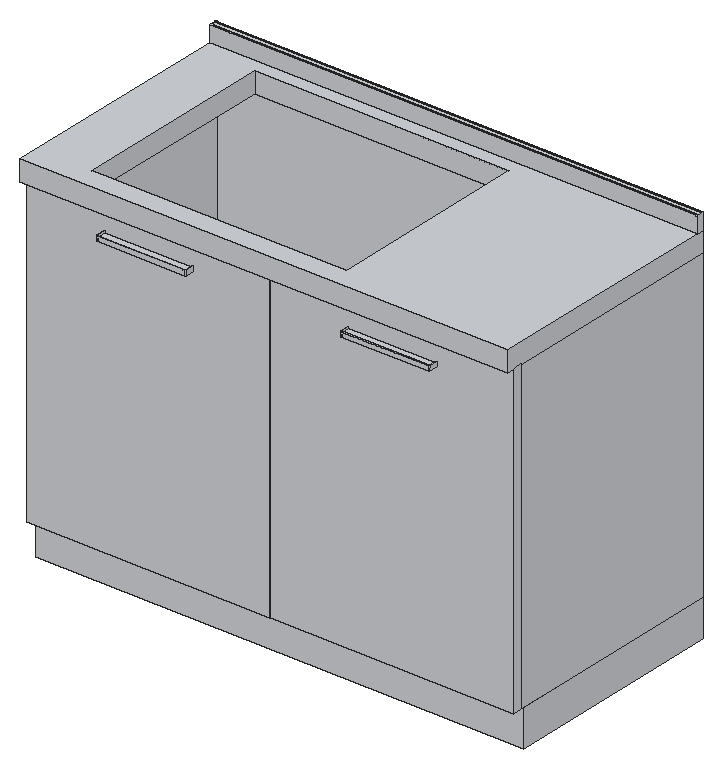
Revit family
Parameters (values of type "600 x 1200 x 900mm")
  Top Material = none
  Material = none
  Hole Y offset = 49.8 mm
  Hole X offset = 136.5 mm
  Hole Width = 627 mm
  Hole Depth = 500 mm
  Handle Material = none
  Depth = 600 mm
  Height = 900 mm
  Width = 1200 mm
  Assembly Code = ""
Types (3, lengths in mm): name | Width | Assembly Code
  (no name) | 1200 | ""
  600 x 900 x 900mm | 900 | "C1030400"
  600 x 1200 x 900mm | 1200 | ""
Reference planes
  plane 1 "Back": y = 0
  plane 2: z = 0
  plane 3 "Center (Left/Right)": x = 44.7
  plane 4 "Front": y = -600
  plane 5 "Left": x = -555.3
  plane 6 "Right": x = 644.7
  plane 7 "Top": z = 900
  plane 8: z = 90
  plane 9: z = 850
Forms (mm)
  Extrusion 1, solid
    sketch origin (0, 0, 0) x (1, 0, 0) y (0, 1, 0)
      loop
        line (-555.3, 0) -> (-555.3, -558) -> (-533.3, -558) -> (-533.3, -22) -> (622.7, -22) -> (622.7, -558) -> (644.7, -558) -> (644.7, 0) -> (-555.3, 0)
    from 90 to 850
  Extrusion 2, solid, material <- "Material"
    sketch origin (0, 0, 0) x (1, 0, 0) y (0, 1, 0)
      loop
        line (-555.3, -580) -> (43.7, -580) -> (43.7, -558) -> (-555.3, -558) -> (-555.3, -580)
      loop
        line (644.7, -580) -> (644.7, -558) -> (45.7, -558) -> (45.7, -580) -> (644.7, -580)
    from 90 to 850
  Extrusion 3, solid, material <- "Top Material"
    sketch origin (0, 0, 900) x (0, -1, 0) y (-1, 0, 0)
      loop
        line (0, 555.3) -> (0, -644.7) -> (600, -644.7) -> (600, 555.3) -> (0, 555.3)
      loop
        line (49.8, 418.8) -> (49.8, -208.2) -> (549.8, -208.2) -> (549.8, 418.8) -> (49.8, 418.8)
    from 0 to 50
  Extrusion 4, solid, material <- "Material"
    sketch origin (0, 0, 900) x (0, -1, 0) y (-1, 0, 0)
      loop
        line (0.534, 555.3) -> (0.534, -644.7) -> (550.534, -644.7) -> (550.534, 555.3) -> (0.534, 555.3)
    from 810 to 900
  Sweep 5, solid, material <- "Top Material"
    path origin (0, 0, 900) x (0, -1, 0) y (1, 0, 0)
      loop
        line (0, 644.7) -> (0, -555.3)
    profile origin (44.7, 0, 0) x (0, -1, 0) y (0, 0, 1)
      loop
        line (0, 900) -> (15, 900) -> (15, 938)
        arc (15, 938) -> (14.414, 939.414) -> (13, 940) r 2
        line (13, 940) -> (1.504, 940) -> (1.504, 942.003) -> (0, 942.003) -> (0, 900)
Dimensions and locks
  "Width": plane 6 "Right" to plane 5 "Left"
  equal spacing: plane 6 "Right", plane 3 "Center (Left/Right)", plane 5 "Left"
  "Depth": plane 4 "Front" to plane 1 "Back"
  "Height": level to plane 7 "Top"
  locked: Extrusion 1 sketch curve to Extrusion 1 sketch curve at 22  (x3)
  locked: plane 8 to level at 90
  locked: plane 7 "Top" to plane 9 at 50
  equal spacing: plane 5 "Left", nested 1, plane 3 "Center (Left/Right)"
  equal spacing: plane 3 "Center (Left/Right)", nested 2, plane 6 "Right"
  "Hole Width": Extrusion 3 sketch curve to Extrusion 3 sketch curve
  "Hole Depth": Extrusion 3 sketch curve to Extrusion 3 sketch curve
  "Hole X offset": Extrusion 3 sketch curve to Extrusion 3 sketch curve
  "Hole Y offset": Extrusion 3 sketch curve to Extrusion 3 sketch curve
  aligned and locked: Extrusion 1 sketch curve to plane 6 "Right"
  aligned and locked: plane 1 "Back" to Extrusion 1 sketch curve
  aligned and locked: plane 5 "Left" to Extrusion 1 sketch curve
  aligned and locked: Extrusion 2 to plane 9
  aligned and locked: Extrusion 1 to plane 9
  aligned and locked: plane 8 to Extrusion 2
  aligned and locked: plane 8 to Extrusion 1
  aligned and locked: Extrusion 4 to Extrusion 1
  aligned and locked: Extrusion 2 to nested 2
Automatic sketch dimensions
  plane 1 "Back" to Extrusion 4 sketch curve = 0.534 mm
  Extrusion 4 sketch curve to plane 5 "Left" = 0 mm
  Extrusion 4 sketch curve to plane 6 "Right" = 0 mm
  Extrusion 4 sketch curve to plane 4 "Front" = 49.466 mm
  Sweep 5 sketch curve to plane 1 "Back" = 0 mm
  Sweep 5 sketch curve to plane 5 "Left" = 0 mm
  Sweep 5 sketch curve to plane 6 "Right" = 0 mm
  Sweep 5 sketch curve to profile plane = 0 mm  (x2)
  Sweep 5 sketch curve to profile plane = 1.504 mm
  Sweep 5 sketch curve to Sweep 5 sketch curve = 11.496 mm
  Sweep 5 sketch curve to profile plane = 15 mm
  profile plane to Sweep 5 sketch curve = 38 mm
  Sweep 5 sketch curve to Sweep 5 sketch curve = 2.003 mm
  Extrusion 1 sketch curve to plane 4 "Front" = 42 mm  (x2)
  Extrusion 2 sketch curve to plane 5 "Left" = 0 mm
  Extrusion 2 sketch curve to plane 6 "Right" = 0 mm
  Extrusion 2 sketch curve to plane 3 "Center (Left/Right)" = 1 mm
  plane 3 "Center (Left/Right)" to Extrusion 2 sketch curve = 1 mm
  Extrusion 2 sketch curve to plane 4 "Front" = 20 mm
  Extrusion 2 sketch curve to Extrusion 2 sketch curve = 0 mm
  Extrusion 2 sketch curve to Extrusion 2 sketch curve = 22 mm  (x2)
  Extrusion 3 sketch curve to plane 1 "Back" = 0 mm
  Extrusion 3 sketch curve to plane 4 "Front" = 0 mm
  Extrusion 3 sketch curve to plane 6 "Right" = 0 mm
  Extrusion 3 sketch curve to plane 5 "Left" = 0 mm
Nested families
  nested 1: "Casework Handle" at (19.577, -603, 787.18), type "220 x 23mm"
  nested 2: "Casework Handle" at (619.577, -603, 787.18), type "220 x 23mm"
Definition of nested family "Casework Handle"
  Parameters (values of type "220 x 23mm")
    Material = none
  Reference planes
    plane 1 "Center (Front/Back)": y = 0
    plane 2: z = 0
    plane 3 "Center (Left/Right)": x = -274.877
    plane 4: x = -384.877
    plane 5: x = -164.877
    plane 6: y = 23
    plane 7: z = 12
  Forms (mm)
    Sweep 1, solid, material <- "Material"
      path origin (0, 0, 0) x (1, 0, 0) y (0, 1, 0)
        loop
          line (-384.877, 23) -> (-384.877, 2.5)
          arc (-384.877, 2.5) -> (-384.145, 0.732) -> (-382.377, 0) r 2.5
          line (-382.377, 0) -> (-167.377, 0)
          arc (-167.377, 0) -> (-165.609, 0.732) -> (-164.877, 2.5) r 2.5
          line (-164.877, 2.5) -> (-164.877, 23)
      profile origin (0, 12.75, 0) x (1, 0, 0) y (0, 0, 1)
        loop
          line (-384.877, 0) -> (-382.877, 0) -> (-382.877, 12) -> (-384.877, 12) -> (-384.877, 0)
    Extrusion 2, solid, material <- "Material"
      sketch origin (0, 0, 0) x (1, 0, 0) y (0, 1, 0)
        loop
          arc (-382.877, 2.5) -> (-382.731, 2.146) -> (-382.377, 2) r 0.5
          line (-382.377, 2) -> (-167.377, 2)
          arc (-167.377, 2) -> (-167.023, 2.146) -> (-166.877, 2.5) r 0.5
          line (-166.877, 2.5) -> (-166.877, 23) -> (-382.877, 23) -> (-382.877, 2.5)
      from 2.765 to 9.254
  Dimensions and locks
    equal spacing: plane 4, plane 3 "Center (Left/Right)", plane 5
